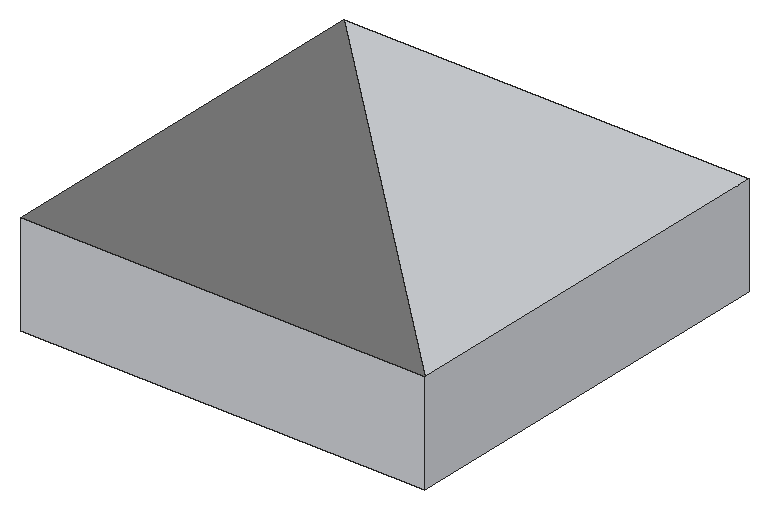
Revit family "電線管用ファミリ(片側のみ)_13", category Electrical Fixtures, Revit 2022
Family settings
  Round Connector Dimension = Use Diameter
  Part Type = Normal
  OmniClass Number = 23.80.00.00
  OmniClass Title = Electric Power and Lighting
  Work Plane-Based = No
  Always vertical = Yes
  Cut with Voids When Loaded = No
  Maintain Annotation Orientation = Yes
  Shared = No
  Room Calculation Point = No
Parameters
  コネクタ直径 [instance] = 16 mm
  W [instance] = 200 mm
  Default Elevation = 0 mm
  D [instance] = 200 mm
Reference planes
  plane 1 "Center (Front/Back)": y = 0
  plane 2: z = 0
  plane 3 "Center (Left/Right)": x = 0
  plane 4: x = -100
  plane 5: x = 100
  plane 6: y = 100
  plane 7: y = -100
  plane 8: z = 50
Forms (mm)
  Extrusion 1, solid
    sketch origin (0, 0, 0) x (1, 0, 0) y (0, 1, 0)
      loop
        line (-100, 100) -> (-100, -100) -> (100, -100) -> (100, 100) -> (-100, 100)
    from 0 to 50
  Extrusion 2, solid, material "Default Solid Fill"
    sketch origin (0, 0, 0) x (1, 0, 0) y (0, 1, 0)
      loop
        line (-100, 100) -> (-100, -100) -> (100, -100) -> (-100, 100)
    from 0 to 50
Dimensions and locks
  equal spacing: plane 4, plane 3 "Center (Left/Right)", plane 5
  "W": plane 4 to plane 5
  equal spacing: plane 6, plane 1 "Center (Front/Back)", plane 7
  "D": plane 6 to plane 7
  aligned and locked: level to plane 2
  aligned and locked: Extrusion 1 sketch curve to plane 6
  aligned and locked: plane 4 to Extrusion 1 sketch curve
  aligned and locked: plane 7 to Extrusion 1 sketch curve
  aligned and locked: Extrusion 1 sketch curve to plane 5
  aligned and locked: plane 8 to Extrusion 1
  aligned and locked: plane 8 to Extrusion 2
Automatic sketch dimensions
  Extrusion 2 sketch curve to plane 4 = 0 mm
  Extrusion 2 sketch curve to plane 5 = 0 mm
  Extrusion 2 sketch curve to plane 7 = 0 mm
  Extrusion 2 sketch curve to plane 6 = 0 mm
Connectors
  cabletrayconduit at (0, 0, 50), diameter 16
    settings: on Extrusion 1, index 1, connector width 300 mm, connector height 300 mm, connector angle 0.00°, system type 32, placement type 0, profile type 0, connector reference index -1, is primary connector yes, connector utility param no, connector description ""
